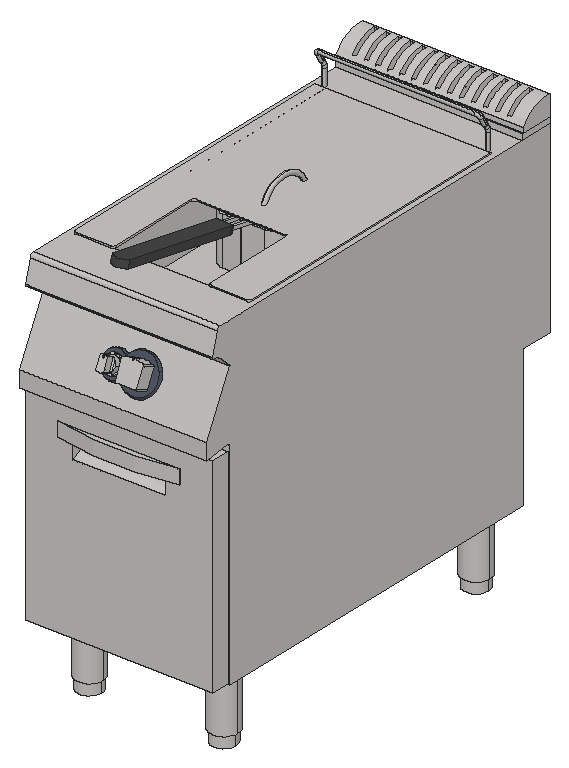
Revit family "QF_ZANUSSI_392077_Z9FRGD1GF0", category Specialty Equipment, Revit 2018
Family settings
  Round Connector Dimension = Use Diameter
  Part Type = Normal
  Work Plane-Based = No
  Always vertical = Yes
  Cut with Voids When Loaded = No
  Shared = No
  Room Calculation Point = No
Parameters
  Width = 400 mm  # constant formula
  Weight in Pounds = 50  # constant formula
  Weight = 0.00 kg
  Watts = 0 W
  Volts = 0 V
  URL Manufacturer = "http://www.zanussiprofessional.com"
  URL Cutsheet = "www.electrolux.com/foodservice"
  URL = "http://www.zanussiprofessional.com"
  Type Mark [instance] = ""
  Steam Supply Size = 0"
  Steam Supply Minimum Pressure = 0.00 psi
  Steam Supply Maximum Pressure = 0.00 psi
  Steam Pounds per Hour = 0
  Status [instance] = ""
  Specification by User [instance] = ""
  Specification by Manufacturer = ""
  Show Logo [instance] = yes
  Show Clearance [instance] = yes
  Serial Number = ""
  Seismic Rating = ""
  SMACNA No = ""
  Revision Code [instance] = ""
  Refrigeration Suction Line Size = 0"
  Refrigeration Liquid Line Size = 0"
  Refrigerant Compressor Remote = yes
  Phase = 0
  Omniclass Number and Title = ""
  NAFEM Spec ID Number = ""
  Model = "Z9FRGD1GF0"
  Mechanical Remarks [instance] = ""
  Mechanical Connection Type [instance] = ""
  Masterspec = ""
  Manufacturer = "Zanussi"
  Length Actual = 400 mm  # constant formula
  Item Number [instance] = "392077"
  Installed By [instance] = ""
  Identify Quantity as Lot [instance] = yes
  Hot Water Size = 0"
  Height Actual = 850 mm  # constant formula
  Height = 850 mm  # constant formula
  HP = "0 HP"
  Gas Size = 1/2"  # constant formula
  Gas RI Height [instance] = 0 mm
  Gas KW = 14  # constant formula
  Gas Input = 47726.0 Btu/h  # constant formula
  Gas Connection Height = 0 mm
  Furnished By [instance] = ""
  Foodservice Equipment Identifier [instance] = yes
  Direct Waste Size = 0"
  Description = "15LT GAS FRYER-1 WELL+1 BASKET"
  Depth Actual = 900 mm  # constant formula
  Depth = 915 mm  # constant formula
  Cycle = 0 Hz
  Condensate Return Size = 0"
  Compressed Air Volume = 0 GPM
  Compressed Air Size = 0"
  Compressed Air Pressure = 0.00 psi
  Cold Water Size = 0"
  CSI MasterFormat = ""
  CSI Master Format = ""
  Base Height [instance] = 150 mm  # constant formula
  Accessory = yes
Reference planes
  plane 1 "BACK": y = 0
  plane 2: z = 0
  plane 3 "LEFT": x = 0
  plane 4 "RIGHT": x = 400
  plane 5 "FRONT": y = -915
  plane 6 "TOP": z = 908
  plane 7 "Center Y": x = 200
  plane 8 "Center X": y = -457.5
  plane 9 "BASE": z = 600
  plane 10 "TOP A": z = 850
  plane 11: z = 150
  plane 12: y = -126
  plane 13: y = -800
  plane 14: x = 344
  plane 15: x = 56
  plane 16: x = 344
  plane 17: y = -715
  plane 18: z = 920
  plane 19: z = 930
  plane 20: y = -1273
  plane 21: x = 355
  plane 22: y = -1455
  plane 23: y = -900
Forms (mm)
  Extrusion 1, solid, material "QF_Finishes_Stainless Steel"
    sketch origin (0, 0, 0) x (0, 1, 0) y (0, 0, 1)
      loop
        line (0, 450.038) -> (0, 850) -> (-879.358, 850)
        arc (-879.358, 850) -> (-884.643, 847.811) -> (-886.833, 842.526) r 7.474
        line (-886.833, 842.526) -> (-899.884, 797.011)
        arc (-899.884, 797.011) -> (-899.396, 794.379) -> (-897, 793.184) r 3
        line (-897, 793.184) -> (-886.802, 793.184) -> (-854.982, 761.364) -> (-915, 640.508) -> (-915, 605.508) -> (-858.645, 613.428)
        arc (-858.645, 613.428) -> (-856.101, 612.674) -> (-855, 610.259) r 3.2
        line (-855, 610.259) -> (-855, 150) -> (-71.437, 150) -> (-71.437, 450.038) -> (0, 450.038)
      loop
        line (-900, 600) -> (-900, 155) -> (-860, 155) -> (-860, 600) -> (-900, 600)
    from 0 to 400
  Extrusion 2, void
    sketch origin (0, 0, 850) x (-1, 0, 0) y (0, -1, 0)
      loop
        line (-33.338, 141.304) -> (-33.338, 787.143) -> (-366.662, 787.143) -> (-366.662, 141.304) -> (-33.338, 141.304)
    from 0 to -152.4
  Extrusion 3, solid, material "QF_Finishes_Stainless Steel"
    sketch origin (0, 0, 850) x (-1, 0, 0) y (0, -1, 0)
      loop
        arc (-11.548, 780.793) -> (-13.408, 785.283) -> (-17.898, 787.143) r 6.35
        line (-17.898, 787.143) -> (-90.863, 787.143)
        arc (-90.863, 787.143) -> (-95.353, 785.283) -> (-97.213, 780.793) r 6.35
        line (-97.213, 780.793) -> (-97.213, 579.046)
        arc (-97.213, 579.046) -> (-99.072, 574.555) -> (-103.563, 572.696) r 6.35
        line (-103.563, 572.696) -> (-293.937, 572.696)
        arc (-293.937, 572.696) -> (-298.428, 574.555) -> (-300.287, 579.046) r 6.35
        line (-300.287, 579.046) -> (-300.287, 780.818)
        arc (-300.287, 780.818) -> (-302.14, 785.291) -> (-306.613, 787.143) r 6.325
        line (-306.613, 787.143) -> (-382.102, 787.143)
        arc (-382.102, 787.143) -> (-386.592, 785.283) -> (-388.452, 780.793) r 6.35
        line (-388.452, 780.793) -> (-388.452, 141.304) -> (-11.548, 141.304) -> (-11.548, 780.793)
    from 0 to 2.574
  Sweep 4, solid, material "QF_Finishes_Stainless Steel"
    path origin (200, 10.469, 0) x (0, 1, 0) y (0, 0, 1)
      loop
        arc (-415.761, 850) -> (-470.2, 883.779) -> (-524.639, 850) r 60.757
    profile origin (200, -459.731, 883.779) x (0, 0, -1) y (1, 0, 0)
      loop
        circle (0, 0) r 4.353
  Extrusion 5, solid, material "QF_Clearances", visible <- "Show Clearance", detail levels coarse
    sketch origin (0, 0, 0) x (1, 0, 0) y (0, 1, 0)
      loop
        line (0, -915) -> (0, 0) -> (400, 0) -> (400, -915) -> (550.019, -915) -> (550.019, 150.019) -> (-150.019, 150.019) -> (-150.019, -915) -> (0, -915)
    from 0 to 908
  Revolve 6, solid, material "QF_Finishes_Stainless Steel"
    sketch origin (0, -126, 608.09) x (0, 0, 1) y (-1, 0, 0)
      loop
        line (-608.09, -56) -> (-458.09, -56) -> (-458.09, -26) -> (-583.09, -26) -> (-583.09, -29.75) -> (-608.09, -29.75) -> (-608.09, -56)
      axis (-608.09, -56) -> (-458.09, -56)
    angle from 0 to 360
  Revolve 7, solid, material "QF_Finishes_Stainless Steel"
    sketch origin (400.05, -126, 608.09) x (0, 0, 1) y (-1, 0, 0)
      loop
        line (-608.09, 56.05) -> (-608.09, 29.8) -> (-583.09, 29.8) -> (-583.09, 26.05) -> (-458.09, 26.05) -> (-458.09, 56.05) -> (-608.09, 56.05)
      axis (-608.09, 56.05) -> (-458.09, 56.05)
    angle from 0 to 360
  Revolve 8, solid, material "QF_Finishes_Stainless Steel"
    sketch origin (400.05, -800, 608.09) x (0, 0, 1) y (-1, 0, 0)
      loop
        line (-608.09, 56.05) -> (-608.09, 29.8) -> (-583.09, 29.8) -> (-583.09, 26.05) -> (-458.09, 26.05) -> (-458.09, 56.05) -> (-608.09, 56.05)
      axis (-608.09, 56.05) -> (-458.09, 56.05)
    angle from 0 to 360
  Extrusion 9, solid, material "QF_Finishes_Stainless Steel"
    sketch origin (200, 0, 0) x (0, 1, 0) y (0, 0, 1)
      loop
        line (-71.89, 862.9) -> (-71.89, 850) -> (0, 850) -> (0, 862.9) -> (-71.89, 862.9)
    from -200 to 200
  Revolve 10, solid, material "QF_Finishes_Stainless Steel"
    sketch origin (0, -800, 608.09) x (0, 0, 1) y (1, 0, 0)
      loop
        line (-608.09, 56) -> (-608.09, 29.75) -> (-583.09, 29.75) -> (-583.09, 26) -> (-458.09, 26) -> (-458.09, 56) -> (-608.09, 56)
      axis (-608.09, 56) -> (-458.09, 56)
    angle from 0 to 360
  Extrusion 11, solid, material "QF_Finishes_Mesh"
    sketch origin (74.995, -64.779, 844.25) x (-1, 0, 0) y (0, -1, 0)
      loop
        arc (-76.6, 120.481) -> (-58.64, 127.92) -> (-51.2, 145.881) r 25.4
        line (-51.2, 145.881) -> (-51.2, 473.61)
        arc (-51.2, 473.61) -> (-58.64, 491.571) -> (-76.6, 499.01) r 25.4
        line (-76.6, 499.01) -> (-166.875, 499.01)
        arc (-166.875, 499.01) -> (-184.836, 491.571) -> (-192.275, 473.61) r 25.4
        line (-192.275, 473.61) -> (-192.275, 145.881)
        arc (-192.275, 145.881) -> (-184.836, 127.92) -> (-166.875, 120.481) r 25.4
        line (-166.875, 120.481) -> (-76.6, 120.481)
      loop
        arc (-76.6, 123.656) -> (-60.885, 130.165) -> (-54.375, 145.881) r 22.225
        line (-54.375, 145.881) -> (-54.375, 473.61)
        arc (-54.375, 473.61) -> (-60.885, 489.326) -> (-76.6, 495.835) r 22.225
        line (-76.6, 495.835) -> (-166.875, 495.835)
        arc (-166.875, 495.835) -> (-182.591, 489.326) -> (-189.1, 473.61) r 22.225
        line (-189.1, 473.61) -> (-189.1, 145.881)
        arc (-189.1, 145.881) -> (-182.591, 130.165) -> (-166.875, 123.656) r 22.225
        line (-166.875, 123.656) -> (-76.6, 123.656)
    from -109 to -5.315
  Extrusion 12, solid, material "QF_Finishes_Stainless Steel"
    sketch origin (0, 0, 574.263) x (0, 1, 0) y (0, 0, 1)
      loop
        line (0, 288.637) -> (0, 333.737)
        arc (0, 333.737) -> (-39.584, 325.765) -> (-69.85, 299.037) r 77.853
        line (-69.85, 299.037) -> (-69.85, 288.637) -> (0, 288.637)
    from 0 to 400
  Extrusion 13, void
    sketch origin (0, 0, 848.9) x (0, -1, 0) y (1, 0, 0)
      loop
        line (6.761, 29.703) -> (63.911, 29.703) -> (63.911, 38.999) -> (6.761, 38.999) -> (6.761, 29.703)
      loop
        line (63.911, 64.487) -> (6.761, 64.487) -> (6.761, 55.191) -> (63.911, 55.191) -> (63.911, 64.487)
      loop
        line (63.911, 89.975) -> (6.761, 89.975) -> (6.761, 80.68) -> (63.911, 80.68) -> (63.911, 89.975)
      loop
        line (63.911, 115.464) -> (6.761, 115.464) -> (6.761, 106.168) -> (63.911, 106.168) -> (63.911, 115.464)
      loop
        line (63.911, 140.952) -> (6.761, 140.952) -> (6.761, 131.656) -> (63.911, 131.656) -> (63.911, 140.952)
      loop
        line (63.911, 166.44) -> (6.761, 166.44) -> (6.761, 157.145) -> (63.911, 157.145) -> (63.911, 166.44)
      loop
        line (63.911, 191.929) -> (6.761, 191.929) -> (6.761, 182.633) -> (63.911, 182.633) -> (63.911, 191.929)
      loop
        line (63.911, 217.417) -> (6.761, 217.417) -> (6.761, 208.121) -> (63.911, 208.121) -> (63.911, 217.417)
      loop
        line (63.911, 242.905) -> (6.761, 242.905) -> (6.761, 233.61) -> (63.911, 233.61) -> (63.911, 242.905)
      loop
        line (63.911, 268.394) -> (6.761, 268.394) -> (6.761, 259.098) -> (63.911, 259.098) -> (63.911, 268.394)
      loop
        line (63.911, 293.882) -> (6.761, 293.882) -> (6.761, 284.586) -> (63.911, 284.586) -> (63.911, 293.882)
      loop
        line (63.911, 319.37) -> (6.761, 319.37) -> (6.761, 310.075) -> (63.911, 310.075) -> (63.911, 319.37)
      loop
        line (63.911, 344.859) -> (6.761, 344.859) -> (6.761, 335.563) -> (63.911, 335.563) -> (63.911, 344.859)
      loop
        line (63.911, 370.347) -> (6.761, 370.347) -> (6.761, 361.051) -> (63.911, 361.051) -> (63.911, 370.347)
    from 25.4 to 63.5
  Sweep 14, solid, material "QF_Finishes_Stainless Steel"
    path origin (0, 0, 0) x (0, 1, 0) y (0, 0, 1)
      loop
        line (-133.218, 850) -> (-133.218, 886.76)
        arc (-133.218, 886.76) -> (-133.779, 891.022) -> (-135.424, 894.993) r 16.466
        line (-135.424, 894.993) -> (-140.718, 904.162)
    profile origin (0, -133.218, 868.38) x (0, -1, 0) y (1, 0, 0)
      loop
        circle (0.001, 25.269) r 3.999
      loop
        circle (0.001, 374.731) r 3.999
  Sweep 15, solid, material "QF_Finishes_Stainless Steel"
    path origin (0, -68.628, 777.297) x (-1, 0, 0) y (0, -0.5, 0.866025)
      loop
        line (-374.731, 144.182) -> (-374.731, 165.819)
        arc (-374.731, 165.819) -> (-372.68, 170.768) -> (-367.731, 172.819) r 7
        line (-367.731, 172.819) -> (-32.269, 172.819)
        arc (-32.269, 172.819) -> (-27.32, 170.768) -> (-25.269, 165.819) r 7
        line (-25.269, 165.819) -> (-25.269, 144.182)
    profile origin (374.731, -146.128, 911.531) x (1, 0, 0) y (0, 0.866025, 0.5)
      loop
        circle (0, 0) r 4
  Extrusion 16, solid, material "QF_Finishes_Stainless Steel"
    sketch origin (0, 0, 150) x (-1, 0, 0) y (0, 1, 0)
      loop
        circle (-355, -715) r 6.35
    from 0 to 15
  Extrusion 17, solid, material "QF_Clearances", visible <- "Show Clearance", detail levels coarse
    sketch origin (0, 0, 851) x (-1, 0, 0) y (0, -1, 0)
      loop
        line (-80, 885) -> (-80, 1455) -> (-320, 1455) -> (-320, 885) -> (-80, 885)
    from -696 to -251
  Blend 18, solid, material "QF_Finishes_Navy Blue"
    base sketch origin (234.578, -884.991, 700.936) x (1, 0, 0) y (0, 0.439631, 0.898178)
      loop
        arc (-35.05, -24.037) -> (42.5, 0) -> (-35.05, 24.037) r 42.5
        arc (-35.05, 24.037) -> (-83, 0) -> (-35.05, -24.037) r 30
    top sketch origin (234.578, -884.991, 700.936) x (1, 0, 0) y (0, 0.439631, 0.898178)
      loop
        arc (-34.578, -21.086) -> (40.5, 0) -> (-34.578, 21.086) r 40.5
        arc (-34.578, 21.086) -> (-81, 0) -> (-34.578, -21.086) r 28
    from 0 to 5
  Extrusion 19, solid, material "QF_Finishes_Stainless Steel"
    sketch origin (2.078, -884.991, 700.936) x (1, 0, 0) y (0, 0.439631, 0.898178)
      loop
        circle (177.499, -0.341) r 20
    from 5 to 10
  Extrusion 20, solid, material "QF_Finishes_Stainless Steel"
    sketch origin (2.078, -884.991, 700.936) x (1, 0, 0) y (0, 0.439631, 0.898178)
      loop
        arc (211.353, 22.789) -> (210.006, 21.685) -> (209.5, 20.019) r 2.997
        line (209.5, 20.019) -> (209.5, -20.019)
        arc (209.5, -20.019) -> (210.378, -22.138) -> (212.497, -23.016) r 2.997
        line (212.497, -23.016) -> (252.503, -23.016)
        arc (252.503, -23.016) -> (254.622, -22.138) -> (255.5, -20.019) r 2.997
        line (255.5, -20.019) -> (255.5, 20.019)
        arc (255.5, 20.019) -> (254.994, 21.685) -> (253.647, 22.789) r 2.997
        arc (253.647, 22.789) -> (232.5, 26.984) -> (211.353, 22.789) r 55.4
    from 5 to 34
  Extrusion 21, solid, material "QF_Finishes_Stainless Steel"
    sketch origin (2.078, -884.991, 700.936) x (1, 0, 0) y (0, 0.439631, 0.898178)
      loop
        circle (177.499, -0.341) r 16
    from 10 to 40
  Extrusion 22, void
    sketch origin (234.578, -884.991, 700.936) x (1, 0, 0) y (0, -0.898178, 0.439631)
      loop
        line (-62.999, 24.837) -> (-62.999, 40) -> (-71.893, 40) -> (-71.893, 22) -> (-65.835, 22)
        arc (-65.835, 22) -> (-63.827, 22.828) -> (-62.999, 24.837) r 2.827
      loop
        arc (-47.003, 24.837) -> (-46.175, 22.828) -> (-44.167, 22) r 2.827
        line (-44.167, 22) -> (-38.109, 22) -> (-38.109, 40) -> (-47.003, 40) -> (-47.003, 24.837)
    from -20.019 to 20.019
  Extrusion 23, solid, material "QF_Plastic-Black-Matte"
    sketch origin (292.078, -884.991, 700.936) x (0, 0.439631, 0.898178) y (0, -0.898178, 0.439631)
      loop
        line (26.984, 34) -> (26.984, 19) -> (27.984, 19) -> (27.984, 34)
        arc (27.984, 34) -> (27.691, 34.707) -> (26.984, 35) r 1
        line (26.984, 35) -> (23.984, 35) -> (23.984, 34) -> (26.984, 34)
    from -58.5 to -56.5
  Extrusion 24, solid, material "QF_Plastic-Black-Matte"
    sketch origin (179.577, -1016.88, 431.483) x (0, -0.439631, -0.898178) y (0, -0.898178, 0.439631)
      loop
        line (-310.284, 39.984) -> (-310.284, 40.984) -> (-312.9, 40.984)
        arc (-312.9, 40.984) -> (-315.562, 39.882) -> (-316.664, 37.22) r 3.764
        line (-316.664, 37.22) -> (-316.664, 25.027) -> (-315.664, 25.027) -> (-315.664, 37.22)
        arc (-315.664, 37.22) -> (-314.855, 39.175) -> (-312.9, 39.984) r 2.764
        line (-312.9, 39.984) -> (-310.284, 39.984)
    from 1 to -1
  Extrusion 25, void
    sketch origin (83, -1742.822, -1011.657) x (1, 0, 0) y (0, -0.898178, 0.439631)
      loop
        line (-62.999, 24.837) -> (-62.999, 40) -> (-71.893, 40) -> (-71.893, 22) -> (-65.835, 22)
        arc (-65.835, 22) -> (-63.827, 22.828) -> (-62.999, 24.837) r 2.827
      loop
        arc (-47.003, 24.837) -> (-46.175, 22.828) -> (-44.167, 22) r 2.827
        line (-44.167, 22) -> (-38.109, 22) -> (-38.109, 40) -> (-47.003, 40) -> (-47.003, 24.837)
    from -20.019 to 20.019
  Extrusion 26, solid, material "QF_Finishes_Door Clearance", visible <- "Show Clearance", detail levels coarse
    sketch origin (0, -200, 850) x (-1, 0, 0) y (0, -1, 0)
      loop
        arc (0, 672.137) -> (-117.157, 954.98) -> (-400, 1072.137) r 400
        line (-400, 1072.137) -> (-400, 672.137) -> (0, 672.137)
    from -695 to -250
  Extrusion 27, solid, material "QF_Finishes_Stainless Steel"
    sketch origin (-77.88, -4772, 130) x (-1, 0, 0) y (0, -1, 0)
      loop
        arc (-147.606, -3871.085) -> (-277.88, -3857) -> (-408.153, -3871.085) r 609.497
        line (-408.153, -3871.085) -> (-408.153, -3872) -> (-147.606, -3872) -> (-147.606, -3871.085)
    from 400 to 430
  Extrusion 28, void
    sketch origin (200, -227.862, -20) x (0, 1, 0) y (0, 0, 1)
      loop
        line (-672.137, 567) -> (-672.137, 517)
        arc (-672.137, 517) -> (-656.47, 524.721) -> (-650.137, 541) r 24.091
        line (-650.137, 541) -> (-650.137, 567) -> (-672.137, 567)
    from -100 to 100
  Extrusion 29, solid, material "QF_Finishes_Stainless Steel"
    sketch origin (264.712, 109.885, 107.43) x (0, 0.984808, 0.173648) y (0, -0.173648, 0.984808)
      loop
        line (-545.228, 740.809) -> (-527.301, 842.477) -> (-586.235, 865.45) -> (-588.541, 859.533) -> (-534.459, 838.452) -> (-551.481, 741.912) -> (-545.228, 740.809)
    from -80.476 to -74.619
  Extrusion 30, solid, material "QF_Finishes_Stainless Steel"
    sketch origin (132.838, 109.885, 107.43) x (0, 0.984808, 0.173648) y (0, 0.173648, -0.984808)
      loop
        line (-527.301, -842.477) -> (-545.228, -740.809) -> (-551.481, -741.912) -> (-534.459, -838.452) -> (-588.541, -859.533) -> (-586.235, -865.45) -> (-527.301, -842.477)
    from -80.476 to -74.619
  Extrusion 31, solid, material "QF_Finishes_Black"
    sketch origin (132.783, -830.695, 905.392) x (0, 0.980628, -0.195878) y (-1, 0, 0)
      loop
        arc (-64.349, -47.345) -> (-74.576, -65.962) -> (-64.349, -84.58) r 22.059
        line (-64.349, -84.58) -> (214.638, -84.58)
        arc (214.638, -84.58) -> (217.113, -83.554) -> (218.138, -81.08) r 3.5
        line (218.138, -81.08) -> (218.138, -50.854)
        arc (218.138, -50.854) -> (217.11, -48.372) -> (214.629, -47.345) r 3.509
        line (214.629, -47.345) -> (-64.349, -47.345)
    from -15.884 to 0
Cuts and joins
  Extrusion 2, Extrusion 28 cuts Extrusion 1
  joined: Extrusion 3, Sweep 4, Extrusion 9
  Extrusion 13 cuts Extrusion 12
  Extrusion 22 cuts Extrusion 21
Lines and regions (mm)
  Split face 1
    outline origin (234.578, -889.482, 703.134) x (1, 0, 0) y (0, 0.439631, 0.898178)
      loop
        circle (0, 33) r 1
  Split face 2
    outline origin (234.578, -889.482, 703.134) x (1, 0, 0) y (0, 0.439631, 0.898178)
      loop
        circle (-8.541, 31.876) r 1
  Split face 3
    outline origin (234.578, -889.482, 703.134) x (1, 0, 0) y (0, 0.439631, 0.898178)
      loop
        circle (-16.5, 28.579) r 1
  Split face 4
    outline origin (234.578, -889.482, 703.134) x (1, 0, 0) y (0, 0.439631, 0.898178)
      loop
        circle (-23.335, 23.335) r 1
  Split face 5
    outline origin (234.578, -889.482, 703.134) x (1, 0, 0) y (0, 0.439631, 0.898178)
      loop
        circle (-28.579, 16.5) r 1
  Split face 6
    outline origin (234.578, -889.482, 703.134) x (1, 0, 0) y (0, 0.439631, 0.898178)
      loop
        circle (-31.876, 8.541) r 1
  Split face 7
    outline origin (234.578, -889.482, 703.134) x (1, 0, 0) y (0, 0.439631, 0.898178)
      loop
        circle (-33, 0) r 1
  Split face 8
    outline origin (234.578, -889.482, 703.134) x (-1, 0, 0) y (0, 0.439631, 0.898178)
      loop
        circle (-8.541, 31.876) r 1
  Split face 9
    outline origin (234.578, -889.482, 703.134) x (-1, 0, 0) y (0, 0.439631, 0.898178)
      loop
        circle (-16.5, 28.579) r 1
  Split face 10
    outline origin (234.578, -889.482, 703.134) x (-1, 0, 0) y (0, 0.439631, 0.898178)
      loop
        circle (-23.335, 23.335) r 1
  Split face 11
    outline origin (234.578, -889.482, 703.134) x (-1, 0, 0) y (0, 0.439631, 0.898178)
      loop
        circle (-28.579, 16.5) r 1
  Split face 12
    outline origin (234.578, -889.482, 703.134) x (-1, 0, 0) y (0, 0.439631, 0.898178)
      loop
        circle (-31.876, 8.541) r 1
  Split face 13
    outline origin (234.578, -889.482, 703.134) x (1, 0, 0) y (0, -0.439631, -0.898178)
      loop
        circle (0, 33) r 1
  Split face 14
    outline origin (234.578, -889.482, 703.134) x (1, 0, 0) y (0, -0.439631, -0.898178)
      loop
        circle (-8.541, 31.876) r 1
  Split face 15
    outline origin (234.578, -889.482, 703.134) x (1, 0, 0) y (0, -0.439631, -0.898178)
      loop
        circle (-16.5, 28.579) r 1
  Split face 16
    outline origin (234.578, -889.482, 703.134) x (1, 0, 0) y (0, -0.439631, -0.898178)
      loop
        circle (-23.335, 23.335) r 1
  Split face 17
    outline origin (234.578, -889.482, 703.134) x (1, 0, 0) y (0, -0.439631, -0.898178)
      loop
        circle (-28.579, 16.5) r 1
  Split face 18
    outline origin (234.578, -889.482, 703.134) x (1, 0, 0) y (0, -0.439631, -0.898178)
      loop
        circle (-31.876, 8.541) r 1
  Split face 19
    outline origin (234.578, -889.482, 703.134) x (-1, 0, 0) y (0, -0.439631, -0.898178)
      loop
        circle (-8.541, 31.876) r 1
  Split face 20
    outline origin (234.578, -889.482, 703.134) x (-1, 0, 0) y (0, -0.439631, -0.898178)
      loop
        circle (-16.5, 28.579) r 1
  Split face 21
    outline origin (234.578, -889.482, 703.134) x (-1, 0, 0) y (0, -0.439631, -0.898178)
      loop
        circle (-23.335, 23.335) r 1
  Split face 22
    outline origin (234.578, -889.482, 703.134) x (-1, 0, 0) y (0, -0.439631, -0.898178)
      loop
        circle (-28.579, 16.5) r 1
  Split face 23
    outline origin (234.578, -889.482, 703.134) x (-1, 0, 0) y (0, -0.439631, -0.898178)
      loop
        circle (-31.876, 8.541) r 1
  Split face 24
    outline origin (234.578, -889.482, 703.134) x (1, 0, 0) y (0, 0.439631, 0.898178)
      loop
        circle (33, 0) r 1
  Split face 25
    outline origin (234.578, -889.482, 703.134) x (1, 0, 0) y (0, 0.439631, 0.898178)
      loop
        circle (-55.001, 22) r 1.508
  Split face 26
    outline origin (235.704, -885.278, 711.724) x (1, 0, 0) y (0, 0.439631, 0.898178)
      loop
        circle (-77.001, 0) r 1.343
  Split face 27
    outline origin (234.578, -889.482, 703.134) x (1, 0, 0) y (0, 0.439631, 0.898178)
      loop
        line (-56.273, -20.786) -> (-56.273, -25.164) -> (-53.729, -25.164) -> (-53.729, -20.786) -> (-56.273, -20.786)
  Split face 28
    outline origin (234.578, -889.482, 703.134) x (1, 0, 0) y (0, 0.439631, 0.898178)
      loop
        line (-70.261, 16.732) -> (-67.433, 19.559) -> (-71.077, 17.548) -> (-70.261, 16.732)
  symbolic lines, style "QF_Clearances", visible <- "Show Clearance", detail levels coarse
    curve 1: line (-150.019, 150.019, 850) -> (-150.019, -915, 850)
    curve 2: line (550.019, 150.019, 850) -> (-150.019, 150.019, 850)
    curve 3: line (550.019, -915, 850) -> (550.019, 150.019, 850)
    curve 112: line (80, -1455, 850) -> (80, -915, 850)
    curve 113: line (80, -1455, 850) -> (320, -1455, 850)
    curve 114: line (320, -1455, 850) -> (320, -915, 850)
  symbolic lines
    curve 4: line (0, -915, 850) -> (0, 0, 850)
    curve 5: line (400, 0, 850) -> (400, -915, 850)
    curve 6: line (11.548, -141.304, 850) -> (11.548, -780.849, 850)
    curve 7: arc (11.548, -780.849, 850) -> (13.428, -785.386, 850) -> (17.965, -787.265, 850) r 6.416
    curve 8: line (17.965, -787.265, 850) -> (180.19, -787.265, 850)
    curve 9: arc (90.94, -787.265, 850) -> (95.375, -785.428, 850) -> (97.213, -780.993, 850) r 6.272
    curve 10: line (97.213, -780.993, 850) -> (97.213, -579.046, 850)
    curve 11: arc (97.213, -579.046, 850) -> (99.072, -574.555, 850) -> (103.563, -572.696, 850) r 6.35
    curve 12: line (103.563, -572.696, 850) -> (293.937, -572.696, 850)
    curve 13: arc (293.937, -572.696, 850) -> (298.428, -574.555, 850) -> (300.287, -579.046, 850) r 6.35
    curve 14: line (300.287, -579.046, 850) -> (300.287, -780.818, 850)
    curve 15: arc (300.287, -780.818, 850) -> (302.14, -785.291, 850) -> (306.613, -787.143, 850) r 6.325
    curve 16: arc (382.234, -787.143, 850) -> (386.63, -785.322, 850) -> (388.452, -780.925, 850) r 6.218
    curve 17: line (388.452, -780.925, 850) -> (388.452, -141.304, 850)
    curve 18: line (195.545, -513.12, 850) -> (195.545, -406.344, 850)
    curve 19: line (204.443, -406.344, 850) -> (204.443, -513.12, 850)
    curve 20: arc (195.545, -513.12, 850) -> (199.994, -517.569, 850) -> (204.443, -513.12, 850) r 4.449
    curve 21: arc (195.545, -406.344, 850) -> (199.994, -401.895, 850) -> (204.443, -406.344, 850) r 4.449
    curve 23: line (31.918, -151.038, 850) -> (368.082, -151.038, 850)
    curve 24: line (368.557, -159.052, 850) -> (31.443, -159.052, 850)
    curve 25: line (0, -71.89, 850) -> (400, -71.89, 850)
    curve 26: line (388.452, -141.304, 850) -> (378.73, -141.304, 850)
    curve 27: line (0, 0, 850) -> (400, 0, 850)
    curve 28: line (217.425, -896.908, 850) -> (217.425, -620.164, 850)
    curve 29: line (180.19, -620.172, 850) -> (180.19, -896.908, 850)
    curve 30: line (213.925, -616.783, 850) -> (183.699, -616.783, 850)
    curve 31: line (190.126, -572.696, 850) -> (190.126, -616.783, 850)
    curve 32: line (184.269, -616.783, 850) -> (184.269, -572.696, 850)
    curve 33: line (207.489, -616.783, 850) -> (207.489, -572.696, 850)
    curve 34: spline (183.699, -616.783, 850) -> (183.241, -616.812, 850) -> (182.791, -616.898, 850) -> (182.356, -617.041, 850) -> (181.945, -617.237, 850) -> (181.563, -617.483, 850) -> (181.218, -617.776, 850) -> (180.915, -618.109, 850) -> (180.66, -618.478, 850) -> (180.457, -618.875, 850) -> (180.31, -619.295, 850) -> (180.22, -619.73, 850) -> (180.19, -620.172, 850)
    curve 35: spline (217.425, -620.164, 850) -> (217.395, -619.722, 850) -> (217.306, -619.289, 850) -> (217.159, -618.87, 850) -> (216.956, -618.473, 850) -> (216.702, -618.106, 850) -> (216.4, -617.773, 850) -> (216.056, -617.481, 850) -> (215.675, -617.236, 850) -> (215.264, -617.04, 850) -> (214.831, -616.898, 850) -> (214.382, -616.812, 850) -> (213.925, -616.783, 850)
    curve 36: line (29.703, -6.761, 850) -> (38.999, -6.761, 850)
    curve 37: line (29.703, -63.911, 850) -> (29.703, -6.761, 850)
    curve 38: line (38.999, -63.911, 850) -> (29.703, -63.911, 850)
    curve 39: line (38.999, -6.761, 850) -> (38.999, -63.911, 850)
    curve 40: line (55.191, -6.761, 850) -> (64.487, -6.761, 850)
    curve 41: line (55.191, -63.911, 850) -> (55.191, -6.761, 850)
    curve 42: line (64.487, -63.911, 850) -> (55.191, -63.911, 850)
    curve 43: line (64.487, -6.761, 850) -> (64.487, -63.911, 850)
    curve 44: line (80.68, -6.761, 850) -> (89.975, -6.761, 850)
    curve 45: line (80.68, -63.911, 850) -> (80.68, -6.761, 850)
    curve 46: line (89.975, -63.911, 850) -> (80.68, -63.911, 850)
    curve 47: line (89.975, -6.761, 850) -> (89.975, -63.911, 850)
    curve 48: line (106.168, -6.761, 850) -> (115.464, -6.761, 850)
    curve 49: line (106.168, -63.911, 850) -> (106.168, -6.761, 850)
    curve 50: line (115.464, -63.911, 850) -> (106.168, -63.911, 850)
    curve 51: line (115.464, -6.761, 850) -> (115.464, -63.911, 850)
    curve 52: line (131.656, -6.761, 850) -> (140.952, -6.761, 850)
    curve 53: line (131.656, -63.911, 850) -> (131.656, -6.761, 850)
    curve 54: line (140.952, -63.911, 850) -> (131.656, -63.911, 850)
    curve 55: line (140.952, -6.761, 850) -> (140.952, -63.911, 850)
    curve 56: line (157.145, -6.761, 850) -> (166.44, -6.761, 850)
    curve 57: line (157.145, -63.911, 850) -> (157.145, -6.761, 850)
    curve 58: line (166.44, -63.911, 850) -> (157.145, -63.911, 850)
    curve 59: line (166.44, -6.761, 850) -> (166.44, -63.911, 850)
    curve 60: line (182.633, -6.761, 850) -> (191.929, -6.761, 850)
    curve 61: line (182.633, -63.911, 850) -> (182.633, -6.761, 850)
    curve 62: line (191.929, -63.911, 850) -> (182.633, -63.911, 850)
    curve 63: line (191.929, -6.761, 850) -> (191.929, -63.911, 850)
    curve 64: line (208.121, -6.761, 850) -> (217.417, -6.761, 850)
    curve 65: line (208.121, -63.911, 850) -> (208.121, -6.761, 850)
    curve 66: line (217.417, -63.911, 850) -> (208.121, -63.911, 850)
    curve 67: line (217.417, -6.761, 850) -> (217.417, -63.911, 850)
    curve 68: line (233.61, -6.761, 850) -> (242.905, -6.761, 850)
    curve 69: line (233.61, -63.911, 850) -> (233.61, -6.761, 850)
    curve 70: line (242.905, -63.911, 850) -> (233.61, -63.911, 850)
    curve 71: line (242.905, -6.761, 850) -> (242.905, -63.911, 850)
    curve 72: line (259.098, -6.761, 850) -> (268.394, -6.761, 850)
    curve 73: line (259.098, -63.911, 850) -> (259.098, -6.761, 850)
    curve 74: line (268.394, -63.911, 850) -> (259.098, -63.911, 850)
    curve 75: line (268.394, -6.761, 850) -> (268.394, -63.911, 850)
    curve 76: line (284.586, -6.761, 850) -> (293.882, -6.761, 850)
    curve 77: line (284.586, -63.911, 850) -> (284.586, -6.761, 850)
    curve 78: line (293.882, -63.911, 850) -> (284.586, -63.911, 850)
    curve 79: line (293.882, -6.761, 850) -> (293.882, -63.911, 850)
    curve 80: line (310.075, -6.761, 850) -> (319.37, -6.761, 850)
    curve 81: line (310.075, -63.911, 850) -> (310.075, -6.761, 850)
    curve 82: line (319.37, -63.911, 850) -> (310.075, -63.911, 850)
    curve 83: line (319.37, -6.761, 850) -> (319.37, -63.911, 850)
    curve 84: line (335.563, -6.761, 850) -> (344.859, -6.761, 850)
    curve 85: line (335.563, -63.911, 850) -> (335.563, -6.761, 850)
    curve 86: line (344.859, -63.911, 850) -> (335.563, -63.911, 850)
    curve 87: line (344.859, -6.761, 850) -> (344.859, -63.911, 850)
    curve 88: line (361.051, -6.761, 850) -> (370.347, -6.761, 850)
    curve 89: line (361.051, -63.911, 850) -> (361.051, -6.761, 850)
    curve 90: line (370.347, -63.911, 850) -> (361.051, -63.911, 850)
    curve 91: line (370.347, -6.761, 850) -> (370.347, -63.911, 850)
    curve 92: arc (25.269, -129.22, 850) -> (28.097, -130.391, 850) -> (29.268, -133.219, 850) r 3.999
    curve 93: arc (21.27, -133.219, 850) -> (22.442, -130.391, 850) -> (25.269, -129.22, 850) r 3.999
    curve 94: line (21.27, -133.219, 850) -> (21.27, -151.339, 850)
    curve 95: line (29.268, -133.219, 850) -> (29.268, -150.539, 850)
    curve 96: arc (31.443, -159.052, 850) -> (28.224, -158.628, 850) -> (25.225, -157.386, 850) r 12.435
    curve 97: arc (21.27, -151.339, 850) -> (22.347, -154.952, 850) -> (25.225, -157.386, 850) r 6.6
    curve 98: arc (29.268, -150.539, 850) -> (30.57, -150.912, 850) -> (31.918, -151.038, 850) r 7.291
    curve 99: arc (374.731, -129.22, 850) -> (371.903, -130.391, 850) -> (370.732, -133.219, 850) r 3.999
    curve 100: arc (378.73, -133.219, 850) -> (377.558, -130.391, 850) -> (374.731, -129.22, 850) r 3.999
    curve 101: line (378.73, -133.219, 850) -> (378.73, -151.339, 850)
    curve 102: line (370.732, -133.219, 850) -> (370.732, -150.539, 850)
    curve 103: arc (368.557, -159.052, 850) -> (371.776, -158.628, 850) -> (374.775, -157.386, 850) r 12.435
    curve 104: arc (378.73, -151.339, 850) -> (377.653, -154.952, 850) -> (374.775, -157.386, 850) r 6.6
    curve 105: arc (370.732, -150.539, 850) -> (369.43, -150.912, 850) -> (368.082, -151.038, 850) r 7.291
    curve 106: line (213.346, -572.696, 850) -> (213.346, -616.783, 850)
    curve 107: line (217.425, -787.265, 850) -> (382.234, -787.265, 850)
    curve 108: line (21.27, -141.304, 850) -> (11.548, -141.304, 850)
    curve 109: line (370.732, -141.304, 850) -> (29.268, -141.304, 850)
    curve 110: arc (180.19, -896.908, 850) -> (198.808, -906.992, 850) -> (217.425, -896.908, 850) r 22.229
    curve 111: arc (180.19, -893.797, 850) -> (198.808, -903.912, 850) -> (217.425, -893.797, 850) r 22.191
    curve 116: line (211.578, -899.968, 0) -> (211.578, -924.314, 0)
    curve 117: arc (211.578, -924.314, 0) -> (211.724, -924.778, 0) -> (212.11, -925.074, 0) r 0.809
    curve 118: arc (212.11, -925.074, 0) -> (213.298, -925.555, 0) -> (214.575, -925.648, 0) r 4.127
    curve 119: arc (211.578, -904.26, 0) -> (210.898, -904.055, 0) -> (210.222, -903.838, 0) r 42.24
    curve 120: arc (211.578, -906.507, 0) -> (212.08, -905.785, 0) -> (212.877, -905.416, 0) r 1.682
    curve 121: arc (212.877, -905.416, 0) -> (223.18, -903.918, 0) -> (233.578, -903.409, 0) r 109.079
    curve 122: line (233.578, -899.968, 0) -> (233.578, -905.639, 0)
    curve 123: line (233.578, -905.639, 0) -> (235.578, -905.639, 0)
    curve 124: line (235.578, -905.639, 0) -> (235.578, -899.968, 0)
    curve 125: line (257.578, -899.968, 0) -> (257.578, -924.314, 0)
    curve 126: arc (257.578, -924.314, 0) -> (257.432, -924.778, 0) -> (257.046, -925.074, 0) r 0.809
    curve 127: arc (257.046, -925.074, 0) -> (255.858, -925.555, 0) -> (254.58, -925.648, 0) r 4.127
    curve 128: arc (257.578, -904.26, 0) -> (262.619, -902.426, 0) -> (267.387, -899.968, 0) r 42.24
    curve 129: arc (257.578, -906.507, 0) -> (257.076, -905.785, 0) -> (256.278, -905.416, 0) r 1.682
    curve 130: arc (256.278, -905.416, 0) -> (245.976, -903.918, 0) -> (235.578, -903.409, 0) r 109.079
    curve 131: line (214.575, -925.648, 0) -> (254.58, -925.648, 0)
    curve 132: line (171.579, -925.945, 908.9) -> (171.579, -901.191, 908.9)
    curve 133: line (187.574, -903.945, 908.9) -> (187.574, -925.945, 908.9)
    curve 134: spline (168.943, -910.132, 908.9) -> (167.454, -909.459, 908.9) -> (166.179, -908.704, 908.9) -> (165.139, -907.881, 908.9) -> (164.353, -907.005, 908.9) -> (163.835, -906.089, 908.9) -> (163.595, -905.151, 908.9) -> (163.635, -904.207, 908.9) -> (163.956, -903.274, 908.9) -> (164.552, -902.368, 908.9) -> (165.412, -901.505, 908.9) -> (166.522, -900.7, 908.9) -> (167.861, -899.968, 908.9)
    curve 135: spline (190.152, -910.161, 908.9) -> (189.871, -910.289, 908.9) -> (189.59, -910.455, 908.9) -> (189.313, -910.654, 908.9) -> (189.043, -910.885, 908.9) -> (188.784, -911.145, 908.9) -> (188.541, -911.428, 908.9) -> (188.316, -911.733, 908.9) -> (188.113, -912.053, 908.9) -> (187.935, -912.384, 908.9) -> (187.785, -912.722, 908.9) -> (187.664, -913.061, 908.9) -> (187.574, -913.398, 908.9)
    curve 136: spline (171.579, -913.309, 908.9) -> (171.507, -912.955, 908.9) -> (171.399, -912.602, 908.9) -> (171.258, -912.254, 908.9) -> (171.085, -911.917, 908.9) -> (170.883, -911.596, 908.9) -> (170.655, -911.295, 908.9) -> (170.404, -911.018, 908.9) -> (170.134, -910.771, 908.9) -> (169.849, -910.555, 908.9) -> (169.552, -910.375, 908.9) -> (169.249, -910.234, 908.9) -> (168.943, -910.132, 908.9)
    curve 137: line (163.577, -904.814, 908.9) -> (163.577, -899.968, 908.9)
    curve 138: arc (171.579, -925.945, 908.9) -> (179.577, -927.03, 908.9) -> (187.574, -925.945, 908.9) r 30
    curve 139: arc (171.579, -901.191, 0) -> (171.48, -900.535, 0) -> (171.134, -899.968, 0) r 1.677
    curve 140: line (187.574, -915.097, 0) -> (211.578, -915.097, 0)
    curve 141: spline (195.059, -906.618, 908.9) -> (194.841, -906.956, 908.9) -> (194.584, -907.289, 908.9) -> (194.292, -907.616, 908.9) -> (193.963, -907.936, 908.9) -> (193.599, -908.248, 908.9) -> (193.201, -908.552, 908.9) -> (192.769, -908.847, 908.9) -> (192.306, -909.133, 908.9) -> (191.811, -909.407, 908.9) -> (191.286, -909.67, 908.9) -> (190.733, -909.922, 908.9) -> (190.152, -910.161, 908.9)
    curve 143: line (257.578, -915, 850) -> (400, -915, 850)
    curve 144: line (0, -900, 850) -> (182.622, -900, 850)
    curve 145: line (214.993, -900, 850) -> (400, -900, 850)
  symbolic lines, style "QF_Door-Drawer Clearances"
    curve 22: line (53.089, -1072.443, 850) -> (325.76, -915, 850)
    curve 115: arc (2.031, -915, 850) -> (19.327, -996.391, 850) -> (53.089, -1072.443, 850) r 400
  symbolic lines, style "SpecialityEquipment"
    curve 142: line (0, -915, 850) -> (171.579, -915, 850)
Dimensions and locks
  equal spacing: plane 3 "LEFT", plane 7 "Center Y", plane 4 "RIGHT"
  "Width": plane 3 "LEFT" to plane 4 "RIGHT"
  equal spacing: plane 5 "FRONT", plane 8 "Center X", plane 1 "BACK"
  "Depth": plane 5 "FRONT" to plane 1 "BACK"
  plane 1 "BACK" to plane 5 "FRONT" = 915 mm
  "Base Height": plane 11 to level
  plane 1 "BACK" to plane 12 = 126 mm
  plane 12 to plane 13 = 674 mm
  plane 4 "RIGHT" to plane 14 = 56 mm
  plane 16 to plane 15 = 288 mm
  plane 15 to plane 3 "LEFT" = 56 mm
  plane 1 "BACK" to plane 17 = 715 mm
  plane 18 to plane 10 "TOP A" = 70 mm
  plane 10 "TOP A" to plane 19 = 80 mm
  plane 5 "FRONT" to plane 1 "BACK" = 915 mm
  plane 4 "RIGHT" to plane 3 "LEFT" = 400 mm
  plane 5 "FRONT" to plane 20 = 358 mm  (x2)
  plane 1 "BACK" to curve 2 = 150.019 mm
  plane 4 "RIGHT" to curve 3 = 150.019 mm
  curve 1 to plane 3 "LEFT" = 150.019 mm
  Extrusion 16 sketch curve to plane 1 "BACK" = 715 mm
  Extrusion 16 sketch curve to plane 4 "RIGHT" = 45 mm
  Extrusion 16 to plane 11 = 15 mm
  "Height": plane 10 "TOP A" to level
  plane 10 "TOP A" to plane 11 = 700 mm
  plane 10 "TOP A" to plane 11 to level = 700 mm, 150 mm
  plane 21 to plane 4 "RIGHT" = 45 mm
  plane 5 "FRONT" to plane 22 = 540 mm  (x2)
  plane 6 "TOP" to level = 908 mm
  plane 5 "FRONT" to plane 23 = 15 mm
  aligned and locked: level to plane 2
  aligned and locked: plane 4 "RIGHT" to Extrusion 1
  aligned and locked: plane 6 "TOP" to Extrusion 5
  aligned and locked: plane 13 to Revolve 8
  aligned and locked: plane 12 to Revolve 6
  aligned and locked: plane 12 to Revolve 7
  aligned and locked: plane 4 "RIGHT" to Extrusion 9
  aligned and locked: plane 13 to Revolve 10
Automatic sketch dimensions
  Extrusion 2 sketch curve to plane 21 = 11.663 mm
  Extrusion 2 sketch curve to plane 15 = 22.662 mm
  plane 12 to Extrusion 2 sketch curve = 15.304 mm
  Extrusion 2 sketch curve to plane 13 = 12.857 mm
  Extrusion 3 sketch curve to plane 4 "RIGHT" = 11.548 mm
  Extrusion 3 sketch curve to Extrusion 3 sketch curve = 6.35 mm  (x3)
  Extrusion 3 sketch curve to plane 13 = 12.857 mm
  Extrusion 3 sketch curve to plane 14 = 37.387 mm
  Extrusion 3 sketch curve to plane 14 = 43.712 mm
  plane 15 to Extrusion 3 sketch curve = 47.563 mm
  Extrusion 3 sketch curve to plane 13 = 19.207 mm
  plane 15 to Extrusion 3 sketch curve = 41.213 mm
  plane 3 "LEFT" to Extrusion 3 sketch curve = 17.898 mm
  plane 3 "LEFT" to Extrusion 3 sketch curve = 11.548 mm
  plane 12 to Extrusion 3 sketch curve = 15.304 mm
  Sweep 4 sketch curve to plane 10 "TOP A" = 0 mm  (x2)
  Sweep 4 sketch curve to plane 8 "Center X" = 2.231 mm
  Sweep 4 sketch curve to plane 10 "TOP A" = 26.978 mm
  Sweep 4 sketch curve to plane 7 "Center Y" = 0 mm
  Sweep 4 sketch curve to profile plane = 0 mm
  plane 5 "FRONT" to Extrusion 5 sketch curve = 0 mm  (x2)
  plane 1 "BACK" to Extrusion 5 sketch curve = 0 mm
  Extrusion 5 sketch curve to plane 3 "LEFT" = 0 mm
  Extrusion 5 sketch curve to plane 4 "RIGHT" = 0 mm
  Extrusion 5 sketch curve to plane 3 "LEFT" = 150.019 mm
  plane 4 "RIGHT" to Extrusion 5 sketch curve = 150.019 mm
  Extrusion 5 sketch curve to plane 1 "BACK" = 150.019 mm
  Revolve 6 sketch curve to level = 0 mm
  Revolve 6 sketch curve to plane 11 = 0 mm  (x2)
  Revolve 6 sketch curve to plane 15 = 0 mm  (x2)
  level to Revolve 6 sketch curve = 25 mm
  plane 11 to Revolve 6 sketch curve = 20 mm
  Revolve 6 sketch curve to plane 15 = 26.25 mm
  plane 3 "LEFT" to Revolve 6 sketch curve = 26 mm
  Revolve 7 sketch curve to level = 0 mm
  Revolve 7 sketch curve to plane 11 = 0 mm  (x2)
  Revolve 7 sketch curve to plane 14 = 0 mm  (x2)
  level to Revolve 7 sketch curve = 25 mm
  plane 11 to Revolve 7 sketch curve = 20 mm
  Revolve 7 sketch curve to plane 21 = 15.25 mm
  Revolve 7 sketch curve to plane 21 = 19 mm
  Revolve 8 sketch curve to level = 0 mm
  Revolve 8 sketch curve to plane 11 = 0 mm  (x2)
  Revolve 8 sketch curve to plane 14 = 0 mm  (x2)
  level to Revolve 8 sketch curve = 25 mm
  plane 11 to Revolve 8 sketch curve = 20 mm
  Revolve 8 sketch curve to plane 21 = 15.25 mm
  Revolve 8 sketch curve to plane 21 = 19 mm
  Extrusion 9 sketch curve to plane 10 "TOP A" = 0 mm
  Extrusion 9 sketch curve to plane 1 "BACK" = 0 mm
  plane 10 "TOP A" to Extrusion 9 sketch curve = 12.9 mm
  Extrusion 9 sketch curve to plane 12 = 54.11 mm
  Revolve 10 sketch curve to level = 0 mm
  Revolve 10 sketch curve to plane 11 = 0 mm  (x2)
  plane 15 to Revolve 10 sketch curve = 0 mm  (x2)
  level to Revolve 10 sketch curve = 25 mm
  plane 11 to Revolve 10 sketch curve = 20 mm
  Revolve 10 sketch curve to plane 15 = 26.25 mm
  plane 3 "LEFT" to Revolve 10 sketch curve = 26 mm
  Extrusion 11 sketch curve to Extrusion 11 sketch curve = 0 mm  (x10)
  plane 7 "Center Y" to Extrusion 11 sketch curve = 67.271 mm
  Extrusion 11 sketch curve to Extrusion 11 sketch curve = 3.175 mm
  Extrusion 11 sketch curve to Extrusion 11 sketch curve = 22.225 mm  (x3)
  Extrusion 11 sketch curve to plane 7 "Center Y" = 48.404 mm  (x2)
  plane 12 to Extrusion 11 sketch curve = 84.66 mm
  Extrusion 12 sketch curve to plane 1 "BACK" = 0 mm
  Extrusion 12 sketch curve to plane 6 "TOP" = 0 mm
  plane 1 "BACK" to Extrusion 12 sketch curve = 4.947 mm
  plane 10 "TOP A" to Extrusion 12 sketch curve = 23.3 mm
  plane 1 "BACK" to Extrusion 12 sketch curve = 69.85 mm
  plane 10 "TOP A" to Extrusion 12 sketch curve = 12.9 mm
  plane 1 "BACK" to Extrusion 13 sketch curve = 6.761 mm  (x14)
  plane 7 "Center Y" to Extrusion 13 sketch curve = 17.417 mm
  Extrusion 13 sketch curve to Extrusion 13 sketch curve = 57.15 mm
  Extrusion 13 sketch curve to plane 7 "Center Y" = 8.071 mm
  Extrusion 13 sketch curve to Extrusion 13 sketch curve = 0 mm  (x13)
  plane 14 to Extrusion 13 sketch curve = 0.859 mm
  Extrusion 13 sketch curve to Extrusion 13 sketch curve = 9.296 mm  (x11)
  Extrusion 13 sketch curve to Extrusion 13 sketch curve = 16.193 mm  (x9)
  plane 15 to Extrusion 13 sketch curve = 8.487 mm
  Extrusion 13 sketch curve to plane 15 = 0.809 mm
  plane 7 "Center Y" to Extrusion 13 sketch curve = 8.121 mm
  Extrusion 13 sketch curve to plane 14 = 8.437 mm
  Extrusion 13 sketch curve to plane 21 = 6.051 mm
  Sweep 14 sketch curve to plane 10 "TOP A" = 0 mm
  plane 12 to Sweep 14 sketch curve = 23.684 mm
  Sweep 14 sketch curve to plane 6 "TOP" = 3.838 mm
  plane 12 to Sweep 14 sketch curve = 14.718 mm
  plane 12 to Sweep 14 sketch curve = 9.424 mm
  plane 12 to Sweep 14 sketch curve = 7.218 mm
  Sweep 14 sketch curve to Sweep 14 sketch curve = 17.402 mm
  Sweep 14 sketch curve to Sweep 14 sketch curve = 0 mm  (x4)
  profile plane to Sweep 14 sketch curve = 3.998 mm  (x2)
  Sweep 14 sketch curve to profile plane = 0.001 mm  (x2)
  plane 3 "LEFT" to Sweep 14 sketch curve = 25.269 mm
  Sweep 14 sketch curve to Sweep 14 sketch curve = 349.461 mm
  Sweep 15 sketch curve to plane 21 = 19.731 mm
  Sweep 15 sketch curve to Sweep 15 sketch curve = 7 mm  (x2)
  Sweep 15 sketch curve to plane 15 = 23.731 mm
  Sweep 15 sketch curve to Sweep 15 sketch curve = 0 mm
  Sweep 15 sketch curve to Sweep 15 sketch curve = 21.637 mm
  Sweep 15 sketch curve to profile plane = 0 mm  (x2)
  Extrusion 3 sketch curve to plane 8 "Center X" = 115.196 mm
  Sweep 4 sketch curve to plane 8 "Center X" = 56.67 mm
  Extrusion 11 sketch curve to plane 8 "Center X" = 80.89 mm
  Extrusion 17 sketch curve to plane 14 = 24 mm
  plane 15 to Extrusion 17 sketch curve = 24 mm
  Extrusion 17 sketch curve to plane 5 "FRONT" = 30 mm
  Extrusion 17 sketch curve to plane 20 = 182 mm
  plane 15 to Blend 18 sketch curve = 125.578 mm  (x2)
  plane 15 to Blend 18 sketch curve = 178.578 mm  (x2)
  Blend 18 sketch curve to Blend 18 sketch curve = 0 mm  (x2)
  plane 15 to Blend 18 sketch curve = 143.528 mm
  Blend 18 sketch curve to Blend 18 sketch curve = 24.037 mm
  plane 15 to Blend 18 sketch curve = 144 mm
  Blend 18 sketch curve to Blend 18 sketch curve = 21.086 mm
  plane 3 "LEFT" to Extrusion 19 sketch curve = 179.577 mm
  plane 15 to Extrusion 20 sketch curve = 155.578 mm
  Extrusion 20 sketch curve to Extrusion 20 sketch curve = 2.997 mm  (x3)
  Extrusion 20 sketch curve to Extrusion 20 sketch curve = 20.003 mm  (x2)
  Extrusion 20 sketch curve to Extrusion 20 sketch curve = 40.005 mm
  Extrusion 20 sketch curve to Extrusion 20 sketch curve = 5.399 mm
  Extrusion 20 sketch curve to Extrusion 20 sketch curve = 40.037 mm
  Extrusion 20 sketch curve to Extrusion 20 sketch curve = 0 mm  (x2)
  Split face 27 sketch curve to Split face 27 sketch curve = 2.545 mm
  Split face 27 sketch curve to Split face 27 sketch curve = 4.379 mm
  Split face 28 sketch curve to Split face 28 sketch curve = 0.816 mm  (x2)
  Split face 28 sketch curve to Split face 28 sketch curve = 2.828 mm
  plane 3 "LEFT" to Extrusion 21 sketch curve = 179.577 mm
  plane 3 "LEFT" to Extrusion 22 sketch curve = 162.684 mm
  Extrusion 22 sketch curve to Extrusion 22 sketch curve = 6.058 mm
  Extrusion 22 sketch curve to Extrusion 22 sketch curve = 0.01 mm  (x2)
  Extrusion 22 sketch curve to Extrusion 22 sketch curve = 8.895 mm  (x2)
  Extrusion 22 sketch curve to Extrusion 22 sketch curve = 15.995 mm
  Extrusion 22 sketch curve to Extrusion 22 sketch curve = 2.827 mm  (x3)
  Extrusion 22 sketch curve to Extrusion 22 sketch curve = 0 mm
  Extrusion 22 sketch curve to Extrusion 22 sketch curve = 15.163 mm
  Extrusion 22 sketch curve to Extrusion 22 sketch curve = 15.173 mm
  Extrusion 23 sketch curve to plane 5 "FRONT" = 9.117 mm
  plane 9 "BASE" to Extrusion 23 sketch curve = 137.865 mm
  Extrusion 23 sketch curve to Extrusion 23 sketch curve = 3 mm
  Extrusion 23 sketch curve to Extrusion 23 sketch curve = 0 mm  (x2)
  Extrusion 23 sketch curve to Extrusion 23 sketch curve = 1 mm
  Extrusion 23 sketch curve to Extrusion 23 sketch curve = 15 mm
  Extrusion 24 sketch curve to Extrusion 24 sketch curve = 0 mm  (x2)
  Extrusion 24 sketch curve to plane 5 "FRONT" = 14.856 mm
  plane 9 "BASE" to Extrusion 24 sketch curve = 126.906 mm
  Extrusion 24 sketch curve to Extrusion 24 sketch curve = 1 mm
  Extrusion 24 sketch curve to Extrusion 24 sketch curve = 2.764 mm
  Extrusion 24 sketch curve to Extrusion 24 sketch curve = 2.616 mm
  Extrusion 24 sketch curve to Extrusion 24 sketch curve = 12.193 mm
  plane 3 "LEFT" to Extrusion 25 sketch curve = 11.107 mm
  Extrusion 25 sketch curve to Extrusion 25 sketch curve = 6.058 mm
  Extrusion 25 sketch curve to Extrusion 25 sketch curve = 0.01 mm  (x2)
  Extrusion 25 sketch curve to Extrusion 25 sketch curve = 8.895 mm  (x2)
  Extrusion 25 sketch curve to Extrusion 25 sketch curve = 15.995 mm
  Extrusion 25 sketch curve to Extrusion 25 sketch curve = 2.827 mm  (x3)
  Extrusion 25 sketch curve to Extrusion 25 sketch curve = 0 mm
  Extrusion 25 sketch curve to Extrusion 25 sketch curve = 15.163 mm
  Extrusion 25 sketch curve to Extrusion 25 sketch curve = 15.173 mm
  Extrusion 26 sketch curve to plane 4 "RIGHT" = 0 mm
  Extrusion 26 sketch curve to plane 3 "LEFT" = 0 mm
  plane 23 to Extrusion 26 sketch curve = 27.863 mm
  Extrusion 27 sketch curve to plane 7 "Center Y" = 0 mm
  Extrusion 27 sketch curve to plane 5 "FRONT" = 15 mm
  Extrusion 27 sketch curve to plane 14 = 13.727 mm
  plane 15 to Extrusion 27 sketch curve = 13.727 mm
  plane 8 "Center X" to Extrusion 27 sketch curve = 151.997 mm
  Extrusion 27 sketch curve to Extrusion 27 sketch curve = 0.915 mm
  Extrusion 28 sketch curve to plane 5 "FRONT" = 12.909 mm
  Extrusion 28 sketch curve to plane 5 "FRONT" = 15 mm
  plane 23 to Extrusion 28 sketch curve = 22 mm
  Extrusion 28 sketch curve to plane 9 "BASE" = 103 mm
  Extrusion 28 sketch curve to Extrusion 28 sketch curve = 26 mm
  Extrusion 1 sketch curve to plane 9 "BASE" = 0 mm
  Extrusion 1 sketch curve to plane 10 "TOP A" = 0 mm
  Extrusion 1 sketch curve to plane 11 = 0 mm
  plane 9 "BASE" to Extrusion 1 sketch curve = 5.508 mm
  plane 22 to Extrusion 1 sketch curve = 540 mm
  Extrusion 1 sketch curve to Extrusion 1 sketch curve = 15 mm
  Extrusion 1 sketch curve to plane 10 "TOP A" = 52.989 mm
  Extrusion 1 sketch curve to Extrusion 1 sketch curve = 15.116 mm
  Extrusion 1 sketch curve to Extrusion 1 sketch curve = 2.884 mm
  Extrusion 1 sketch curve to plane 10 "TOP A" = 7.474 mm
  Extrusion 1 sketch curve to Extrusion 1 sketch curve = 13.051 mm
  Extrusion 1 sketch curve to Extrusion 1 sketch curve = 10.198 mm
  Extrusion 1 sketch curve to Extrusion 1 sketch curve = 40 mm
  plane 9 "BASE" to Extrusion 1 sketch curve = 13.428 mm
  Extrusion 1 sketch curve to Extrusion 1 sketch curve = 1.355 mm
  Extrusion 1 sketch curve to Extrusion 1 sketch curve = 0.445 mm
  Extrusion 1 sketch curve to Extrusion 1 sketch curve = 5 mm
  Extrusion 1 sketch curve to Extrusion 1 sketch curve = 31.82 mm
  Extrusion 1 sketch curve to plane 13 = 728.563 mm
  Extrusion 1 sketch curve to plane 17 = 715 mm
  plane 11 to Extrusion 1 sketch curve = 5 mm
  Extrusion 1 sketch curve to plane 9 "BASE" = 149.962 mm
  Extrusion 1 sketch curve to Extrusion 1 sketch curve = 35 mm
  Extrusion 1 sketch curve to Extrusion 1 sketch curve = 35.647 mm
  Extrusion 1 sketch curve to Extrusion 1 sketch curve = 3.827 mm
  plane 19 to Extrusion 29 sketch curve = 78.295 mm
  plane 12 to Extrusion 29 sketch curve = 492.972 mm
  Extrusion 29 sketch curve to Extrusion 29 sketch curve = 2.306 mm
  Extrusion 29 sketch curve to Extrusion 29 sketch curve = 37.06 mm
  Extrusion 29 sketch curve to Extrusion 29 sketch curve = 6.254 mm
  Extrusion 29 sketch curve to Extrusion 29 sketch curve = 54.083 mm
  Extrusion 29 sketch curve to Extrusion 29 sketch curve = 7.158 mm
  Extrusion 29 sketch curve to Extrusion 29 sketch curve = 17.056 mm
  plane 19 to Extrusion 30 sketch curve = 78.295 mm
  plane 12 to Extrusion 30 sketch curve = 492.972 mm
  Extrusion 30 sketch curve to Extrusion 30 sketch curve = 2.306 mm
  Extrusion 30 sketch curve to Extrusion 30 sketch curve = 37.06 mm
  Extrusion 30 sketch curve to Extrusion 30 sketch curve = 6.254 mm
  Extrusion 30 sketch curve to Extrusion 30 sketch curve = 54.083 mm
  Extrusion 30 sketch curve to Extrusion 30 sketch curve = 7.158 mm
  Extrusion 30 sketch curve to Extrusion 30 sketch curve = 5.916 mm
  Extrusion 31 sketch curve to plane 7 "Center Y" = 19.872 mm
  plane 7 "Center Y" to Extrusion 31 sketch curve = 17.363 mm
  Extrusion 31 sketch curve to Extrusion 31 sketch curve = 0 mm
  Extrusion 31 sketch curve to Extrusion 31 sketch curve = 11.832 mm
  Extrusion 31 sketch curve to plane 7 "Center Y" = 16.363 mm
  Extrusion 31 sketch curve to Extrusion 31 sketch curve = 267.145 mm
  Extrusion 31 sketch curve to Extrusion 31 sketch curve = 3.5 mm
  curve 133 to plane 7 "Center Y" = 12.426 mm
  plane 23 to curve 138 = 2.97 mm
  curve 133 to curve 138 = 7.998 mm
  curve 138 to curve 132 = 15.995 mm
  plane 5 "FRONT" to curve 133 = 10.945 mm
  curve 135 to curve 135 = 2.259 mm
  curve 141 to curve 135 = 0.319 mm
  curve 135 to curve 141 = 1.423 mm
  curve 141 to curve 138 = 0.001 mm
  curve 141 to curve 134 = 0.001 mm
  plane 5 "FRONT" to curve 136 = 0.683 mm
  curve 136 to curve 136 = 0.865 mm
  curve 136 to plane 5 "FRONT" = 2.009 mm
  curve 136 to curve 134 = 0.141 mm
  plane 23 to curve 134 = 0.032 mm
  curve 132 to curve 134 = 3.718 mm
  curve 141 to curve 134 = 0 mm
  plane 23 to curve 137 = 0.032 mm
  curve 132 to plane 23 = 1.191 mm
  curve 133 to plane 23 = 3.945 mm
  curve 137 to plane 23 = 4.814 mm
  curve 138 to curve 134 = 7.784 mm
  curve 137 to curve 141 = 0.003 mm
  curve 141 to curve 135 = 0.047 mm
  curve 134 to curve 141 = 4.284 mm
  curve 141 to curve 135 = 3.485 mm
  curve 133 to curve 141 = 2.673 mm
  curve 139 to plane 23 = 1.108 mm
  curve 139 to plane 7 "Center Y" = 30.095 mm
  plane 7 "Center Y" to curve 116 = 11.578 mm
  curve 116 to curve 117 = 0.809 mm
  curve 120 to curve 120 = 1.583 mm
  curve 117 to curve 118 = 1.846 mm
  curve 117 to curve 131 = 2.189 mm
  plane 7 "Center Y" to curve 119 = 23.47 mm
  curve 123 to plane 23 = 5.639 mm
  curve 120 to curve 123 = 20.417 mm
  plane 7 "Center Y" to curve 121 = 33.709 mm
  curve 121 to curve 130 = 1.738 mm
  curve 122 to curve 123 = 2 mm
  curve 119 to curve 128 = 22.215 mm
  curve 123 to curve 131 = 19.003 mm
  curve 127 to curve 127 = 0.343 mm
  curve 127 to curve 129 = 1.071 mm
  curve 131 to curve 126 = 2.189 mm
  curve 126 to curve 125 = 0.809 mm
  curve 129 to plane 23 = 7.074 mm
  curve 120 to plane 23 = 7.074 mm
  plane 5 "FRONT" to curve 118 = 6.535 mm
  plane 5 "FRONT" to curve 127 = 6.535 mm
  curve 126 to curve 127 = 2.779 mm
  curve 117 to curve 118 = 2.779 mm
  curve 131 to curve 117 = 1.333 mm
  curve 130 to curve 127 = 86.839 mm
  curve 121 to curve 130 = 0 mm
  plane 23 to curve 119 = 36.271 mm
  curve 119 to curve 128 = 0 mm
  plane 23 to curve 139 = 0.032 mm
  curve 139 to curve 139 = 1.229 mm
  curve 139 to plane 23 = 1.191 mm
  plane 5 "FRONT" to curve 140 = 0.097 mm
  curve 140 to plane 7 "Center Y" = 12.426 mm
  curve 119 to curve 119 = 1.356 mm
  curve 121 to curve 120 = 0.284 mm
  curve 129 to curve 129 = 0.284 mm
  plane 23 to curve 128 = 0.032 mm
  curve 125 to curve 128 = 9.809 mm
  curve 120 to curve 120 = 0.567 mm
  curve 129 to curve 129 = 0.567 mm
  curve 121 to curve 119 = 1.156 mm
  plane 23 to curve 125 = 0.032 mm
  plane 23 to curve 122 = 0.032 mm
  plane 23 to curve 124 = 0.032 mm
  plane 23 to curve 116 = 0.032 mm
  curve 92 to curve 93 = 0 mm
  curve 99 to curve 100 = 0 mm
  curve 145 to plane 4 "RIGHT" = 0 mm
  plane 5 "FRONT" to curve 22 = 0 mm
  curve 114 to plane 22 = 0 mm
  plane 5 "FRONT" to curve 142 = 0 mm
  curve 144 to plane 3 "LEFT" = 0 mm
  plane 1 "BACK" to curve 27 = 0 mm
  curve 144 to plane 23 = 0 mm
  plane 5 "FRONT" to curve 1 = 0 mm
  plane 5 "FRONT" to curve 3 = 0 mm
  curve 115 to plane 4 "RIGHT" = 0.18 mm
  curve 17 to plane 4 "RIGHT" = 11.548 mm
  curve 16 to curve 16 = 6.218 mm
  curve 17 to curve 101 = 9.722 mm
  curve 100 to curve 99 = 3.999 mm
  curve 104 to curve 102 = 1.398 mm
  plane 1 "BACK" to curve 91 = 6.761 mm
  curve 91 to plane 21 = 15.347 mm
  curve 104 to curve 24 = 3.573 mm
  curve 102 to curve 23 = 2.65 mm
  curve 88 to plane 21 = 6.051 mm
  plane 14 to curve 87 = 0.859 mm
  curve 84 to plane 14 = 8.437 mm
  curve 114 to plane 14 = 24 mm
  plane 1 "BACK" to curve 83 = 6.761 mm
  curve 84 to curve 83 = 16.193 mm
  curve 80 to curve 80 = 9.296 mm
  curve 15 to plane 14 = 37.387 mm
  curve 14 to plane 14 = 43.713 mm
  curve 13 to curve 13 = 6.35 mm
  plane 1 "BACK" to curve 79 = 6.761 mm
  curve 80 to curve 79 = 16.193 mm
  curve 76 to curve 77 = 9.296 mm
  curve 77 to curve 75 = 16.193 mm
  curve 74 to curve 73 = 9.296 mm
  plane 1 "BACK" to curve 68 = 6.761 mm
  curve 72 to curve 68 = 16.193 mm
  curve 70 to curve 69 = 9.296 mm
  plane 7 "Center Y" to curve 28 = 17.425 mm
  curve 69 to curve 66 = 16.193 mm
  curve 28 to curve 30 = 3.5 mm
  plane 7 "Center Y" to curve 65 = 8.121 mm
  plane 7 "Center Y" to curve 19 = 4.443 mm
  curve 21 to plane 7 "Center Y" = 0.006 mm
  curve 111 to plane 7 "Center Y" = 1.192 mm
  curve 110 to plane 7 "Center Y" = 1.192 mm
  curve 63 to plane 7 "Center Y" = 8.071 mm
  curve 30 to plane 7 "Center Y" = 16.301 mm
  curve 62 to curve 62 = 9.296 mm
  curve 34 to curve 29 = 3.509 mm
  plane 1 "BACK" to curve 59 = 6.761 mm
  curve 60 to curve 59 = 16.193 mm
  curve 56 to curve 57 = 9.296 mm
  plane 1 "BACK" to curve 55 = 6.761 mm
